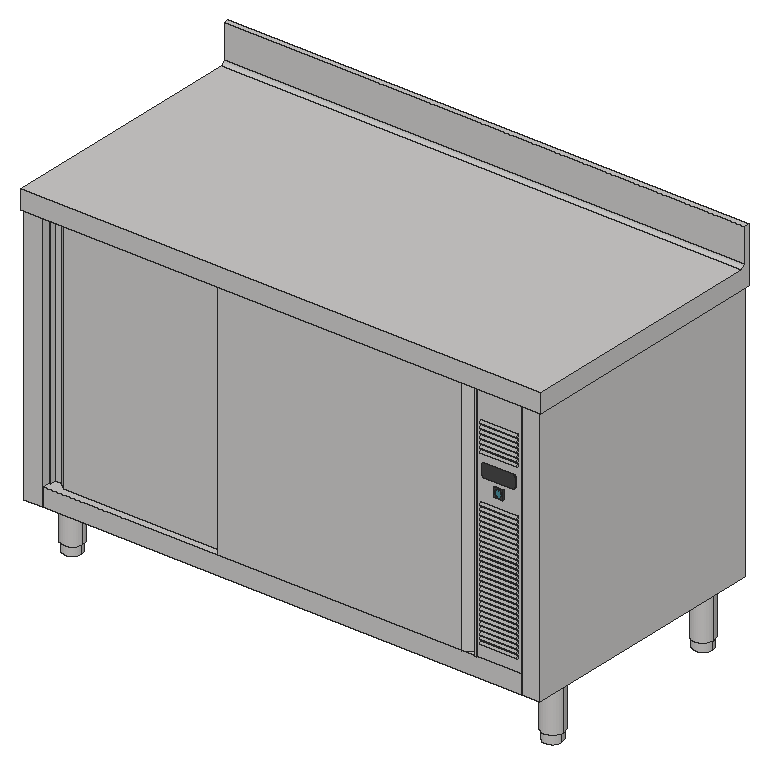
Revit family "QF_ELECTROLUXPROFESSIONAL_132792_MTC1410PN", category Attrezzature speciali, Revit 2020
Family settings
  Quota connettore circolare = Usa diametro
  Tipo di parte = Normale
  Basato su piano di lavoro = No
  Sempre verticale = Sì
  Taglio con vuoti quando caricato = No
  Condiviso = No
  Punto di calcolo locali = No
Parameters (values of type "Standard")
  Weight = 60.00 kg
  Watts = 2400 W
  Volts = 220 V
  URL Manufacturer = "https://www.electroluxprofessional.com/"
  URL = "https://www.electroluxprofessional.com/"
  Steam Supply Size = 0 mm
  Steam Supply Minimum Pressure = 0.0 Pa
  Steam Supply Maximum Pressure = 0.0 Pa
  Steam Consumption per Hour = 0
  Refrigeration Suction Line Size = 0.0 mm
  Refrigeration Liquid Line Size = 0.0 mm
  Refrigerant Compressor Remote = yes
  Prospetto di default = 0.0 mm
  Produttore = "Electrolux Professional"
  Phase = 1
  Modello = "MTC1410PN"
  Length Actual = 1400.0 mm  # constant formula
  Item Number = "132792"
  Hot Water Size = 0 mm
  Height Actual = 1000.0 mm  # constant formula
  HP = "3.2 HP"
  Gas Size = 0 mm
  Gas KW = 0
  Gas Input Pressure = 0 W
  Direct Waste Size = 0 mm
  Descrizione = "HOT CUPB.VENT+UPST+SHELF+SLIDING D. 1400"
  Depth Actual = 700.0 mm  # constant formula
  Cycle = 50 Hz
  Condensate Return Size = 0 mm
  Compressed Air Volume = 0.0 L/s
  Compressed Air Size = 0 mm
  Compressed Air Pressure = 0.0 Pa
  Cold Water Size = 0 mm
  Accessory = yes
Reference planes
  plane 1 "Center (Front/Back)": y = 0
  plane 2: z = 0
  plane 3 "Center (Left/Right)": x = -200
  plane 4 "LEFT": x = -900
  plane 5 "RIGHT": x = 500
  plane 6 "BACK": y = 350
  plane 7 "FRONT": y = -350
  plane 8 "Base": z = 850
  plane 9 "TOP": z = 900
  plane 10: x = -846.5
  plane 11: x = 446.5
  plane 12: y = 264.5
  plane 13: y = -241.5
  plane 14 "BodyLeft": x = -894.5
  plane 15 "BodyFront": y = -344.5
  plane 16 "BodyRight": x = 494.5
  plane 17 "BodyBack": y = 344.5
  plane 18 "FEET": z = 150
  plane 19: x = 324.5
  plane 20: x = -261
  plane 21: x = 444.5
  plane 22 "EIx": x = 400
  plane 23 "EIy": y = -170
Forms (mm)
  Extrusion 1, solid, material "QF_Finishes_Stainless Steel"
    sketch origin (-200, 0, 0) x (0, 1, 0) y (0, 0, 1)
      loop
        line (-350, 850) -> (350, 850) -> (350, 1000) -> (337, 1000) -> (337, 910)
        arc (337, 910) -> (334.071, 902.929) -> (327, 900) r 10
        line (327, 900) -> (-350, 900) -> (-350, 850)
    from 700 to -700
  Extrusion 2, solid, material "QF_Finishes_Stainless Steel"
    sketch origin (0, 0, 150) x (-1, 0, 0) y (0, -1, 0)
      loop
        line (894.5, -344.5) -> (894.5, 344.5) -> (844.5, 344.5) -> (844.5, -344.5) -> (894.5, -344.5)
      loop
        line (-444.5, -344.5) -> (-444.5, 344.5) -> (-494.5, 344.5) -> (-494.5, -344.5) -> (-444.5, -344.5)
    from 0 to 700
  Extrusion 3, solid, material "QF_Finishes_Stainless Steel"
    sketch origin (0, 0, 150) x (-1, 0, 0) y (0, -1, 0)
      loop
        line (844.5, -344.5) -> (844.5, 344.5) -> (-444.5, 344.5) -> (-444.5, -344.5) -> (844.5, -344.5)
    from 0 to 50
  Extrusion 4, solid, material "QF_Finishes_Stainless Steel"
    sketch origin (-1, 0, 150) x (-1, 0, 0) y (0, -1, 0)
      loop
        line (-325.5, 344.5) -> (-325.5, 324.5) -> (370.5, 324.5) -> (370.5, 344.5) -> (-285.5, 344.5) -> (-305.5, 329.5) -> (-320.5, 329.5) -> (-320.5, 344.5) -> (-325.5, 344.5)
    from 50 to 700
  Extrusion 5, solid, material "QF_Finishes_Stainless Steel"
    sketch origin (1, 20, 150) x (1, 0, 0) y (0, 1, 0)
      loop
        line (-845.5, -344.5) -> (-840.5, -344.5) -> (-840.5, -329.5) -> (-825.5, -329.5) -> (-805.5, -344.5) -> (-151.5, -344.5) -> (-151.5, -324.5) -> (-845.5, -324.5) -> (-845.5, -344.5)
    from 50 to 700
  Extrusion 6, solid, material "QF_Finishes_Stainless Steel"
    sketch origin (0, 0, 0) x (1, 0, 0) y (0, 1, 0)
      loop
        line (-844.5, -304.5) -> (324.5, -304.5) -> (324.5, 324.5) -> (-844.5, 324.5) -> (-844.5, -304.5)
    from 500 to 540
  Extrusion 7, solid, material "QF_Finishes_Stainless Steel"
    sketch origin (0, 0, 0) x (1, 0, 0) y (0, 1, 0)
      loop
        line (444.5, 344.5) -> (-844.5, 344.5) -> (-844.5, 324.5) -> (444.5, 324.5) -> (444.5, 344.5)
    from 200 to 850
  Extrusion 8, solid, material "QF_Finishes_Stainless Steel"
    sketch origin (0, 0, 150) x (-1, 0, 0) y (0, -1, 0)
      loop
        circle (-400, 170) r 10
    from 0 to -5
Cuts and joins
  joined: Extrusion 3, Extrusion 7
Lines and regions (mm)
  symbolic lines
    curve 1: line (500, 350, 900) -> (-900, 350, 900)
    curve 2: line (-900, 350, 900) -> (-900, -350, 900)
    curve 3: line (-900, -350, 900) -> (500, -350, 900)
    curve 4: line (500, -350, 900) -> (500, 350, 900)
    curve 15: line (500, 337, 900) -> (-900, 337, 900)
  symbolic lines, style "SpecialityEquipmentHiddenLines"
    curve 5: line (-894.5, 344.5, 150) -> (494.5, 344.5, 150)
    curve 6: line (-894.5, -344.5, 150) -> (-894.5, 344.5, 150)
    curve 7: line (494.5, -344.5, 150) -> (-894.5, -344.5, 150)
    curve 8: line (494.5, 344.5, 150) -> (494.5, -344.5, 150)
    curve 9: line (-845.5, -304.5, 150) -> (-149.5, -304.5, 150)
    curve 10: line (-149.5, -304.5, 150) -> (-149.5, -324.5, 150)
    curve 11: line (-845.5, -324.5, 150) -> (324.5, -324.5, 150)
    curve 12: line (324.5, -324.5, 150) -> (324.5, -344.5, 150)
    curve 13: line (-845.5, -304.5, 150) -> (-845.5, -324.5, 150)
    curve 14: line (-371.5, -344.5, 0) -> (-371.5, -324.5, 0)
Dimensions and locks
  plane 4 "LEFT" to plane 5 "RIGHT" = 1400.0 mm
  equal spacing: plane 4 "LEFT", plane 3 "Center (Left/Right)", plane 5 "RIGHT"
  locked: plane 8 "Base" to level at 850
  plane 9 "TOP" to level = 900.0 mm
  plane 6 "BACK" to plane 7 "FRONT" = 700.0 mm
  equal spacing: plane 6 "BACK", plane 1 "Center (Front/Back)", plane 7 "FRONT"
  locked: plane 4 "LEFT" to plane 14 "BodyLeft" at 5.5
  locked: plane 16 "BodyRight" to plane 5 "RIGHT" at 5.5
  locked: plane 15 "BodyFront" to plane 7 "FRONT" at 5.5
  locked: plane 6 "BACK" to plane 17 "BodyBack" at 5.5
  locked: plane 14 "BodyLeft" to plane 10 at 48
  locked: plane 11 to plane 16 "BodyRight" at 48
  locked: plane 13 to plane 15 "BodyFront" at 103
  locked: plane 17 "BodyBack" to plane 12 at 80
  plane 10 to plane 11 = 1293.0 mm
  plane 12 to plane 13 = 506.0 mm
  locked: plane 14 "BodyLeft" to Extrusion 2 sketch curve at 50
  locked: Extrusion 2 sketch curve to Extrusion 2 sketch curve at 50
  equal spacing: plane 10, plane 20, plane 19
  locked: plane 21 to plane 16 "BodyRight" at 50
  locked: plane 19 to plane 21 at 120
  locked: Extrusion 4 sketch curve to plane 20 at 110.5
  locked: plane 20 to Extrusion 5 sketch curve at 110.5
  locked: plane 18 "FEET" to level at 150
  locked: plane 22 "EIx" to plane 5 "RIGHT" at 100
  plane 23 "EIy" to plane 7 "FRONT" = 180.0 mm
  locked: Extrusion 1 to level at 1000
  aligned and locked: level to plane 2
  aligned and locked: plane 10 to nested 1
  aligned and locked: nested 1 to plane 13
  aligned and locked: plane 11 to nested 2
  aligned and locked: nested 2 to plane 13
  aligned and locked: plane 11 to nested 4
  aligned and locked: nested 4 to plane 12
  aligned and locked: plane 10 to nested 3
  aligned and locked: nested 3 to plane 12
  aligned and locked: Extrusion 1 to plane 4 "LEFT"
  aligned and locked: plane 5 "RIGHT" to Extrusion 1
  aligned and locked: curve 2 to plane 4 "LEFT"
  aligned and locked: plane 17 "BodyBack" to Extrusion 2 sketch curve
  aligned and locked: Extrusion 2 sketch curve to plane 15 "BodyFront"
  aligned and locked: Extrusion 2 sketch curve to plane 14 "BodyLeft"
  aligned and locked: plane 16 "BodyRight" to Extrusion 2 sketch curve
  aligned and locked: Extrusion 2 sketch curve to plane 17 "BodyBack"
  aligned and locked: plane 15 "BodyFront" to Extrusion 2 sketch curve
  aligned and locked: Extrusion 3 sketch curve to plane 17 "BodyBack"
  aligned and locked: plane 15 "BodyFront" to Extrusion 3 sketch curve
  aligned and locked: plane 8 "Base" to Extrusion 2
  aligned and locked: plane 8 "Base" to Extrusion 4
  aligned and locked: Extrusion 4 to Extrusion 3
  aligned and locked: Extrusion 1 to plane 8 "Base"
  aligned and locked: plane 9 "TOP" to Extrusion 1
  aligned and locked: curve 5 to plane 17 "BodyBack"
  aligned and locked: plane 14 "BodyLeft" to curve 6
  aligned and locked: plane 15 "BodyFront" to curve 7
  aligned and locked: plane 16 "BodyRight" to curve 8
  aligned and locked: Extrusion 3 to Extrusion 2  (x2)
  aligned and locked: Extrusion 6 sketch curve to Extrusion 2
  aligned and locked: Extrusion 6 sketch curve to Extrusion 5
  aligned and locked: nested 5 to plane 21
  aligned and locked: Extrusion 7 sketch curve to Extrusion 2
  aligned and locked: Extrusion 6 sketch curve to plane 19
Automatic sketch dimensions
  Extrusion 8 sketch curve to plane 22 "EIx" = 0.0 mm
  Extrusion 8 sketch curve to plane 23 "EIy" = 0.0 mm
  curve 14 to plane 15 "BodyFront" = 0.0 mm
  plane 15 "BodyFront" to curve 14 = 20.0 mm
  curve 14 to plane 20 = 110.5 mm
  curve 3 to plane 7 "FRONT" = 0.0 mm
  curve 15 to plane 5 "RIGHT" = 0.0 mm
  curve 4 to plane 6 "BACK" = 0.0 mm
  curve 15 to plane 17 "BodyBack" = 7.5 mm
  Extrusion 1 sketch curve to plane 7 "FRONT" = 0.0 mm
  Extrusion 1 sketch curve to plane 9 "TOP" = 0.0 mm
  Extrusion 1 sketch curve to plane 6 "BACK" = 0.0 mm
  Extrusion 1 sketch curve to plane 8 "Base" = 0.0 mm
  Extrusion 1 sketch curve to plane 17 "BodyBack" = 17.5 mm
  Extrusion 1 sketch curve to plane 17 "BodyBack" = 7.5 mm
  Extrusion 1 sketch curve to Extrusion 1 sketch curve = 90.0 mm
  Extrusion 3 sketch curve to plane 21 = 0.0 mm
  plane 10 to Extrusion 3 sketch curve = 2.0 mm
  Extrusion 4 sketch curve to plane 19 = 0.0 mm
  Extrusion 4 sketch curve to plane 15 "BodyFront" = 0.0 mm  (x2)
  Extrusion 4 sketch curve to Extrusion 4 sketch curve = 5.0 mm
  Extrusion 4 sketch curve to Extrusion 4 sketch curve = 15.0 mm  (x2)
  Extrusion 4 sketch curve to Extrusion 4 sketch curve = 20.0 mm  (x2)
  Extrusion 5 sketch curve to plane 15 "BodyFront" = 20.0 mm  (x2)
  Extrusion 5 sketch curve to plane 10 = 42.0 mm
  Extrusion 5 sketch curve to plane 10 = 22.0 mm
  Extrusion 5 sketch curve to plane 10 = 7.0 mm
  Extrusion 5 sketch curve to plane 10 = 2.0 mm
  Extrusion 5 sketch curve to Extrusion 5 sketch curve = 15.0 mm
  Extrusion 5 sketch curve to Extrusion 5 sketch curve = 20.0 mm
  curve 12 to plane 19 = 0.0 mm
  curve 7 to plane 15 "BodyFront" = 0.0 mm
  plane 3 "Center (Left/Right)" to curve 10 = 50.5 mm
  plane 10 to curve 13 = 1.0 mm
  plane 15 "BodyFront" to curve 9 = 40.0 mm
  plane 15 "BodyFront" to curve 11 = 20.0 mm
  Extrusion 6 sketch curve to plane 17 "BodyBack" = 20.0 mm
  Extrusion 7 sketch curve to plane 21 = 0.0 mm
  Extrusion 7 sketch curve to plane 17 "BodyBack" = 0.0 mm
  Extrusion 7 sketch curve to Extrusion 7 sketch curve = 20.0 mm
  radius of Extrusion 8 sketch curve = 10.0 mm
Nested families
  nested 1: "FEET_D58-150" at (-846.5, -241.5, 0), type "FEET_D58-150"
  nested 2: "FEET_D58-150" at (446.5, -241.5, 0), type "FEET_D58-150"
  nested 3: "FEET_D58-150" at (-846.5, 264.5, 0), type "FEET_D58-150"
  nested 4: "FEET_D58-150" at (446.5, 264.5, 0), type "FEET_D58-150"
  nested 5: "WT_PNL120x650" at (531.42, -304.5, 600) x (1, 0, 0) z (0, -1, 0), type "WT_PNL120x650"
    with Show Logo yes
Connectors
  electrical at (400, -170, 145)
    settings: on Extrusion 8, index 1, voltage 0 V, apparent load 0 VA, apparent load phase1 0 VA, apparent load phase2 0 VA, apparent load phase3 0 VA, power factor 1, load classification "Other", number of poles 1, system type 30, power factor state 1, is connector primary yes, connector utility no, sub classification motor no, connector description "Electrical connection"
Definition of nested family "FEET_D58-150"
  Parameters
    Default Elevation = 0.0 mm
    FEET = 150.0 mm
  Reference planes
    plane 1 "Center (Front/Back)": y = 0
    plane 2: z = 0
    plane 3 "Center (Left/Right)": x = 0
    plane 4: z = 150
  Forms (mm)
    Extrusion 1, solid
      sketch origin (0, 0, 0) x (1, 0, 0) y (0, 1, 0)
        loop
          circle (0, 0) r 25
      from 0 to 25
    Extrusion 2, solid
      sketch origin (0, 0, 0) x (1, 0, 0) y (0, 1, 0)
        loop
          circle (0.061, 0) r 29
      from 25 to 150 <- "FEET"
  Lines and regions (mm)
    symbolic lines
      curve 1: line (0, -1.503, 0) -> (0, 1.508, 0)
      curve 2: line (1.561, 0, 0) -> (-1.439, 0, 0)
  Dimensions and locks
    "FEET": plane 4 to plane 2
    aligned and locked: level to plane 2
  Automatic sketch dimensions
    plane 1 "Center (Front/Back)" to Extrusion 1 sketch curve = 0.0 mm
    Extrusion 1 sketch curve to plane 3 "Center (Left/Right)" = 0.0 mm
    plane 1 "Center (Front/Back)" to curve 2 = 0.0 mm
    curve 1 to plane 3 "Center (Left/Right)" = 0.0 mm
    curve 2 to plane 3 "Center (Left/Right)" = 1.439 mm
    plane 3 "Center (Left/Right)" to curve 2 = 1.561 mm
    plane 1 "Center (Front/Back)" to curve 1 = 1.503 mm
    curve 1 to plane 1 "Center (Front/Back)" = 1.508 mm
    plane 1 "Center (Front/Back)" to Extrusion 2 sketch curve = 0.0 mm
    plane 3 "Center (Left/Right)" to Extrusion 2 sketch curve = 0.061 mm
    radius of Extrusion 1 sketch curve = 25.0 mm
    radius of Extrusion 2 sketch curve = 29.0 mm
Definition of nested family "WT_PNL120x650"
  Parameters
    Show Logo [instance] = yes
    Default Elevation = 1219.2 mm
  Reference planes
    plane 1 "Center (Front/Back)": y = -75
    plane 2: z = 0
    plane 3 "Center (Left/Right)": x = -146.92
    plane 4: x = -206.92
    plane 5: x = -86.92
    plane 6: y = 250
    plane 7: y = -400
    plane 8 "TOP": z = 40
  Forms (mm)
    Extrusion 1, solid
      sketch origin (0, 0, 0) x (1, 0, 0) y (0, 1, 0)
        loop
          line (-1219.2, 1219.2) -> (-1219.2, -1219.2) -> (1219.2, -1219.2) -> (1219.2, 1219.2) -> (-1219.2, 1219.2)
      from 0 to -304.8
    Extrusion 2, solid
      sketch origin (0, 0, 0) x (1, 0, 0) y (0, 1, 0)
        loop
          line (-206.92, 250) -> (-206.92, -400) -> (-86.92, -400) -> (-86.92, 250) -> (-206.92, 250)
      from 0 to 40
    Extrusion 3, void
      sketch origin (0, 0, 40) x (-1, 0, 0) y (0, -1, 0)
        loop
          arc (101.92, -68.899) -> (103.795, -73.256) -> (108.247, -74.89) r 6
          line (108.247, -74.89) -> (185.92, -74.89)
          arc (185.92, -74.89) -> (190.163, -73.133) -> (191.92, -68.89) r 6
          line (191.92, -68.89) -> (191.92, -45.89)
          arc (191.92, -45.89) -> (190.163, -41.648) -> (185.92, -39.89) r 6
          line (185.92, -39.89) -> (107.92, -39.89)
          arc (107.92, -39.89) -> (103.677, -41.648) -> (101.92, -45.89) r 6
          line (101.92, -45.89) -> (101.92, -68.899)
        loop
          line (158.92, -27.89) -> (158.92, -2.89) -> (134.92, -2.89) -> (134.92, -27.89) -> (158.92, -27.89)
      from -2 to 0
    Extrusion 4, solid
      sketch origin (0, 0, 40) x (-1, 0, 0) y (0, -1, 0)
        loop
          line (185.92, -39.89) -> (107.92, -39.89)
          arc (107.92, -39.89) -> (103.677, -41.648) -> (101.92, -45.89) r 6
          line (101.92, -45.89) -> (101.92, -68.899)
          arc (101.92, -68.899) -> (103.795, -73.256) -> (108.247, -74.89) r 6
          line (108.247, -74.89) -> (185.92, -74.89)
          arc (185.92, -74.89) -> (190.163, -73.133) -> (191.92, -68.89) r 6
          line (191.92, -68.89) -> (191.92, -45.89)
          arc (191.92, -45.89) -> (190.163, -41.648) -> (185.92, -39.89) r 6
      from -2 to 1
    Extrusion 5, solid
      sketch origin (-146.92, 0, 0) x (0, 1, 0) y (0, 0, 1)
        loop
          line (95.896, 40) -> (104.899, 40) -> (95.896, 41.206) -> (95.896, 40)
        loop
          line (107.896, 40) -> (116.899, 40) -> (107.896, 41.206) -> (107.896, 40)
        loop
          line (119.896, 40) -> (128.899, 40) -> (119.896, 41.206) -> (119.896, 40)
        loop
          line (131.896, 40) -> (140.899, 40) -> (131.896, 41.206) -> (131.896, 40)
        loop
          line (143.896, 40) -> (152.899, 40) -> (143.896, 41.206) -> (143.896, 40)
        loop
          line (155.896, 40) -> (164.899, 40) -> (155.896, 41.206) -> (155.896, 40)
        loop
          line (167.896, 40) -> (176.899, 40) -> (167.896, 41.206) -> (167.896, 40)
        loop
          line (-102.104, 40) -> (-93.101, 40) -> (-102.104, 41.206) -> (-102.104, 40)
        loop
          line (-90.104, 40) -> (-81.101, 40) -> (-90.104, 41.206) -> (-90.104, 40)
        loop
          line (-78.104, 40) -> (-69.101, 40) -> (-78.104, 41.206) -> (-78.104, 40)
        loop
          line (-66.104, 40) -> (-57.101, 40) -> (-66.104, 41.206) -> (-66.104, 40)
        loop
          line (-54.104, 40) -> (-45.101, 40) -> (-54.104, 41.206) -> (-54.104, 40)
        loop
          line (-42.104, 40) -> (-33.101, 40) -> (-42.104, 41.206) -> (-42.104, 40)
        loop
          line (-30.104, 40) -> (-21.101, 40) -> (-30.104, 41.206) -> (-30.104, 40)
        loop
          line (-174.104, 40) -> (-165.101, 40) -> (-174.104, 41.206) -> (-174.104, 40)
        loop
          line (-162.104, 40) -> (-153.101, 40) -> (-162.104, 41.206) -> (-162.104, 40)
        loop
          line (-150.104, 40) -> (-141.101, 40) -> (-150.104, 41.206) -> (-150.104, 40)
        loop
          line (-138.104, 40) -> (-129.101, 40) -> (-138.104, 41.206) -> (-138.104, 40)
        loop
          line (-126.104, 40) -> (-117.101, 40) -> (-126.104, 41.206) -> (-126.104, 40)
        loop
          line (-114.104, 40) -> (-105.101, 40) -> (-114.104, 41.206) -> (-114.104, 40)
        loop
          line (-246.104, 40) -> (-237.101, 40) -> (-246.104, 41.206) -> (-246.104, 40)
        loop
          line (-234.104, 40) -> (-225.101, 40) -> (-234.104, 41.206) -> (-234.104, 40)
        loop
          line (-222.104, 40) -> (-213.101, 40) -> (-222.104, 41.206) -> (-222.104, 40)
        loop
          line (-210.104, 40) -> (-201.101, 40) -> (-210.104, 41.206) -> (-210.104, 40)
        loop
          line (-198.104, 40) -> (-189.101, 40) -> (-198.104, 41.206) -> (-198.104, 40)
        loop
          line (-186.104, 40) -> (-177.101, 40) -> (-186.104, 41.206) -> (-186.104, 40)
        loop
          line (-318.104, 40) -> (-309.101, 40) -> (-318.104, 41.206) -> (-318.104, 40)
        loop
          line (-306.104, 40) -> (-297.101, 40) -> (-306.104, 41.206) -> (-306.104, 40)
        loop
          line (-294.104, 40) -> (-285.101, 40) -> (-294.104, 41.206) -> (-294.104, 40)
        loop
          line (-282.104, 40) -> (-273.101, 40) -> (-282.104, 41.206) -> (-282.104, 40)
        loop
          line (-270.104, 40) -> (-261.101, 40) -> (-270.104, 41.206) -> (-270.104, 40)
        loop
          line (-258.104, 40) -> (-249.101, 40) -> (-258.104, 41.206) -> (-258.104, 40)
        loop
          line (-366.104, 40) -> (-357.101, 40) -> (-366.104, 41.206) -> (-366.104, 40)
        loop
          line (-354.104, 40) -> (-345.101, 40) -> (-354.104, 41.206) -> (-354.104, 40)
        loop
          line (-342.104, 40) -> (-333.101, 40) -> (-342.104, 41.206) -> (-342.104, 40)
        loop
          line (-330.104, 40) -> (-321.101, 40) -> (-330.104, 41.206) -> (-330.104, 40)
      from -50 to 50
    Extrusion 6, solid
      sketch origin (0, 0, 40) x (-1, 0, 0) y (0, -1, 0)
        loop
          line (134.92, -27.89) -> (158.92, -27.89) -> (158.92, -2.89) -> (134.92, -2.89) -> (134.92, -27.89)
        loop
          circle (146.92, -15.39) r 9
      from -2 to 3
    Extrusion 7, solid
      sketch origin (0, 0, 40) x (-1, 0, 0) y (0, -1, 0)
        loop
          circle (146.92, -15.39) r 9
      from 0 to 3
  Cuts and joins
    Extrusion 3 cuts Extrusion 2
  Dimensions and locks
    equal spacing: plane 6, plane 1 "Center (Front/Back)", plane 7
    equal spacing: plane 4, plane 3 "Center (Left/Right)", plane 5
    plane 8 "TOP" to level = 40.0 mm
    aligned and locked: plane 2 to Extrusion 1
    aligned and locked: level to Extrusion 1
  Automatic sketch dimensions
    Extrusion 1 sketch curve to Extrusion 1 sketch curve = 2438.4 mm  (x2)
    Extrusion 2 sketch curve to plane 4 = 0.0 mm
    Extrusion 2 sketch curve to plane 5 = 0.0 mm
    Extrusion 2 sketch curve to plane 7 = 0.0 mm
    Extrusion 2 sketch curve to plane 6 = 0.0 mm
    Extrusion 5 sketch curve to plane 8 "TOP" = 0.0 mm  (x36)
    Extrusion 5 sketch curve to Extrusion 5 sketch curve = 9.003 mm  (x35)
    plane 8 "TOP" to Extrusion 5 sketch curve = 1.206 mm  (x22)
    Extrusion 5 sketch curve to Extrusion 5 sketch curve = 2.997 mm  (x33)
    plane 1 "Center (Front/Back)" to Extrusion 5 sketch curve = 6.101 mm
    plane 1 "Center (Front/Back)" to Extrusion 5 sketch curve = 3.104 mm
    Extrusion 5 sketch curve to plane 1 "Center (Front/Back)" = 5.899 mm
    Extrusion 5 sketch curve to Extrusion 5 sketch curve = 116.997 mm
    Extrusion 5 sketch curve to Extrusion 5 sketch curve = 1.206 mm  (x14)
    Extrusion 4 sketch curve to plane 5 = 15.0 mm
    Extrusion 4 sketch curve to Extrusion 4 sketch curve = 6.0 mm  (x3)
    Extrusion 4 sketch curve to Extrusion 4 sketch curve = 0.327 mm
    plane 4 to Extrusion 4 sketch curve = 21.0 mm  (x2)
    Extrusion 4 sketch curve to plane 1 "Center (Front/Back)" = 149.89 mm
    Extrusion 4 sketch curve to Extrusion 4 sketch curve = 23.009 mm
    Extrusion 3 sketch curve to plane 5 = 15.0 mm
    Extrusion 3 sketch curve to Extrusion 3 sketch curve = 6.0 mm  (x3)
    Extrusion 3 sketch curve to Extrusion 3 sketch curve = 0.327 mm
    plane 3 "Center (Left/Right)" to Extrusion 3 sketch curve = 12.0 mm
    Extrusion 3 sketch curve to plane 3 "Center (Left/Right)" = 12.0 mm
    plane 4 to Extrusion 3 sketch curve = 21.0 mm  (x2)
    Extrusion 3 sketch curve to plane 1 "Center (Front/Back)" = 149.89 mm
    Extrusion 3 sketch curve to Extrusion 3 sketch curve = 23.0 mm
    Extrusion 3 sketch curve to Extrusion 3 sketch curve = 12.0 mm
    Extrusion 3 sketch curve to Extrusion 3 sketch curve = 25.0 mm
    Extrusion 6 sketch curve to plane 3 "Center (Left/Right)" = 0.0 mm
    plane 3 "Center (Left/Right)" to Extrusion 6 sketch curve = 12.0 mm
    Extrusion 6 sketch curve to plane 3 "Center (Left/Right)" = 12.0 mm
    Extrusion 6 sketch curve to plane 1 "Center (Front/Back)" = 102.89 mm
    Extrusion 6 sketch curve to Extrusion 6 sketch curve = 12.5 mm  (x2)
    Extrusion 7 sketch curve to plane 3 "Center (Left/Right)" = 0.0 mm
    Extrusion 7 sketch curve to plane 1 "Center (Front/Back)" = 90.39 mm
    radius of Extrusion 6 sketch curve = 9.0 mm
    radius of Extrusion 7 sketch curve = 9.0 mm
